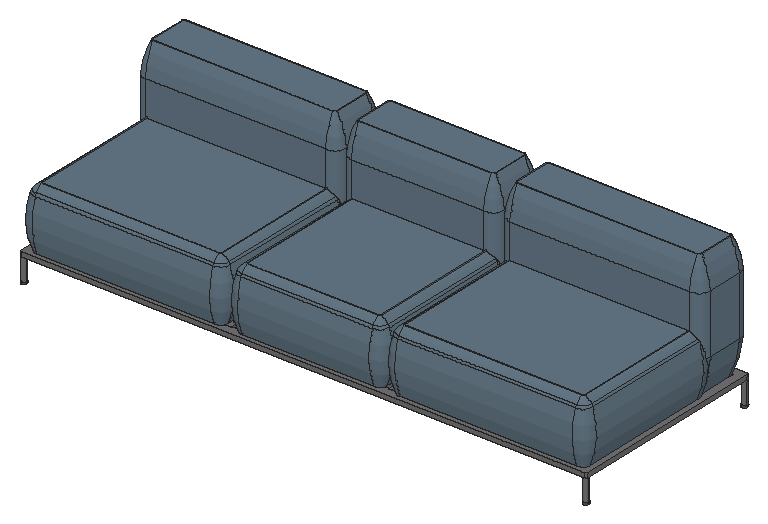
Revit family "Haworth_Mex-Hi_Sofa_WithoutArm", category Furniture, Revit 2018 (continued)
Definition of nested family "Haworth_Mex-Hi_Sofa_Seat-Wide-PART"
  Lines and regions (in)
    Masking region 1, visible <- "Middle Small Seat"
      outline origin (0, 0, 0) x (1, 0, 0) y (0, 1, 0)
        loop
          line (-23.80117, 0.15039) -> (-23.80117, -22.93079)
          arc (-23.80117, -22.93079) -> (-23.06894, -24.69856) -> (-21.30117, -25.43079) r 2.5
          line (-21.30117, -25.43079) -> (9.06138, -25.43079)
          arc (9.06138, -25.43079) -> (10.82915, -24.69856) -> (11.56138, -22.93079) r 2.5
          line (11.56138, -22.93079) -> (11.56138, 0.15039)
          arc (11.56138, 0.15039) -> (10.82915, 1.91816) -> (9.06138, 2.65039) r 2.5
          line (9.06138, 2.65039) -> (-21.30117, 2.65039)
          arc (-21.30117, 2.65039) -> (-23.06894, 1.91816) -> (-23.80117, 0.15039) r 2.5
    Masking region 2, visible <- "L/R Seat"
      outline origin (0, 0, 0) x (1, 0, 0) y (0, 1, 0)
        loop
          line (-19.80117, 0.15039) -> (-19.80117, -22.93079)
          arc (-19.80117, -22.93079) -> (-19.06894, -24.69856) -> (-17.30117, -25.43079) r 2.5
          line (-17.30117, -25.43079) -> (5.06138, -25.43079)
          arc (5.06138, -25.43079) -> (6.82915, -24.69856) -> (7.56138, -22.93079) r 2.5
          line (7.56138, -22.93079) -> (7.56138, 0.15039)
          arc (7.56138, 0.15039) -> (6.82915, 1.91816) -> (5.06138, 2.65039) r 2.5
          line (5.06138, 2.65039) -> (-17.30117, 2.65039)
          arc (-17.30117, 2.65039) -> (-19.06894, 1.91816) -> (-19.80117, 0.15039) r 2.5
    Masking region 3, visible <- "Peninsula Seat"
      outline origin (0, 0, 0) x (1, 0, 0) y (0, 1, 0)
        loop
          line (4.77305, 0.27539) -> (-28.30117, 0.27539)
          arc (-28.30117, 0.27539) -> (-29.89216, -0.38362) -> (-30.55117, -1.97461) r 2.25
          line (-30.55117, -1.97461) -> (-30.55117, -23.05579)
          arc (-30.55117, -23.05579) -> (-29.89216, -24.64678) -> (-28.30117, -25.30579) r 2.25
          line (-28.30117, -25.30579) -> (18.93638, -25.30579)
          arc (18.93638, -25.30579) -> (20.52737, -24.64678) -> (21.18638, -23.05579) r 2.25
          line (21.18638, -23.05579) -> (21.18638, 8.52539)
          arc (21.18638, 8.52539) -> (20.52737, 10.11638) -> (18.93638, 10.77539) r 2.25
          line (18.93638, 10.77539) -> (7.02305, 10.77539)
          arc (7.02305, 10.77539) -> (5.43206, 10.11638) -> (4.77305, 8.52539) r 2.25
          line (4.77305, 8.52539) -> (4.77305, 0.27539)
    Masking region 4, visible <- "Middle Large Seat"
      outline origin (0, 0, 0) x (1, 0, 0) y (0, 1, 0)
        loop
          line (-28.42172, 0.15039) -> (-28.42172, -22.93079)
          arc (-28.42172, -22.93079) -> (-27.68949, -24.69856) -> (-25.92172, -25.43079) r 2.5
          line (-25.92172, -25.43079) -> (13.61448, -25.43079)
          arc (13.61448, -25.43079) -> (15.38225, -24.69856) -> (16.11448, -22.93079) r 2.5
          line (16.11448, -22.93079) -> (16.11448, 0.15039)
          arc (16.11448, 0.15039) -> (15.38225, 1.91816) -> (13.61448, 2.65039) r 2.5
          line (13.61448, 2.65039) -> (-25.92172, 2.65039)
          arc (-25.92172, 2.65039) -> (-27.68949, 1.91816) -> (-28.42172, 0.15039) r 2.5
  Dimensions and locks (in)
    equal spacing: plane 8 "Left", plane 2 "Center L/R", plane 7 "Right"
    "Actual Width": plane 8 "Left" to plane 7 "Right"
    equal spacing: plane 5 "Back", plane 3 "Center F/B", plane 6 "Front"
    "Actual Depth": plane 5 "Back" to plane 6 "Front"
    "Actual Height": plane 4 "Top" to plane 1
    "Seat Height": plane 9 to level
    aligned and locked: Sweep 7 to Extrusion 8 sketch curve
    aligned and locked: Extrusion 8 sketch curve to Sweep 7
  Automatic sketch dimensions
    plane 8 "Left" to Extrusion 1 sketch curve = 2.29174"
    Extrusion 1 sketch curve to Extrusion 1 sketch curve = 0.20787"  (x3)
    Extrusion 1 sketch curve to plane 7 "Right" = 2.49961"  (x2)
    plane 6 "Front" to Extrusion 1 sketch curve = 2.72405"
    Extrusion 1 sketch curve to plane 5 "Back" = 2.71232"
    plane 8 "Left" to Sweep 2 sketch curve = 0.74961"
    Sweep 2 sketch curve to plane 5 "Back" = 0.96232"
    Sweep 2 sketch curve to Sweep 2 sketch curve = 1.75"  (x2)
    plane 6 "Front" to Sweep 2 sketch curve = 1.18191"
    Sweep 2 sketch curve to plane 7 "Right" = 2.49961"  (x2)
    Sweep 2 sketch curve to plane 7 "Right" = 0.74961"
    profile plane to Sweep 2 sketch curve = 12.08096"
    profile plane to Sweep 2 sketch curve = 3.28358"
    profile plane to Sweep 2 sketch curve = 1.54213"
    profile plane to Sweep 2 sketch curve = 1.45935"
    profile plane to Sweep 2 sketch curve = 0.41268"
    level to Sweep 2 sketch curve = 4.88189"
    level to Sweep 2 sketch curve = 9.80008"
    Sweep 2 sketch curve to Sweep 2 sketch curve = 7.21954"
    Sweep 2 sketch curve to Sweep 2 sketch curve = 1.36158"
    Sweep 2 sketch curve to Sweep 2 sketch curve = 1.90673"
    Sweep 2 sketch curve to Sweep 2 sketch curve = 0.00"
    plane 6 "Front" to Extrusion 3 sketch curve = 2.93191"  (x2)
    plane 8 "Left" to Extrusion 3 sketch curve = 6.29174"
    Extrusion 3 sketch curve to Extrusion 3 sketch curve = 0.20787"  (x2)
    Extrusion 3 sketch curve to plane 5 "Back" = 2.71232"
    Extrusion 3 sketch curve to plane 7 "Right" = 6.49961"  (x2)
    plane 8 "Left" to Sweep 4 sketch curve = 4.74961"
    Sweep 4 sketch curve to plane 5 "Back" = 0.96232"
    Sweep 4 sketch curve to Sweep 4 sketch curve = 1.75"  (x3)
    plane 6 "Front" to Sweep 4 sketch curve = 1.18191"
    plane 6 "Front" to Sweep 4 sketch curve = 2.93191"
    Sweep 4 sketch curve to plane 7 "Right" = 6.49961"
    profile plane to Sweep 4 sketch curve = 12.08096"
    profile plane to Sweep 4 sketch curve = 3.28358"
    profile plane to Sweep 4 sketch curve = 1.54213"
    profile plane to Sweep 4 sketch curve = 1.45935"
    profile plane to Sweep 4 sketch curve = 0.41268"
    level to Sweep 4 sketch curve = 4.88189"
    level to Sweep 4 sketch curve = 9.80008"
    Sweep 4 sketch curve to Sweep 4 sketch curve = 7.21954"
    Sweep 4 sketch curve to Sweep 4 sketch curve = 1.36158"
    Sweep 4 sketch curve to Sweep 4 sketch curve = 1.90673"
    Sweep 4 sketch curve to Sweep 4 sketch curve = 0.00"
    plane 8 "Left" to Masking region 1 sketch curve = 0.16833"
    plane 6 "Front" to Masking region 1 sketch curve = 0.4696"
    plane 8 "Left" to Masking region 1 sketch curve = 2.66833"
    Masking region 1 sketch curve to Masking region 1 sketch curve = 2.50"
    Masking region 1 sketch curve to plane 5 "Back" = 0.25"
    Masking region 1 sketch curve to plane 7 "Right" = 2.66833"  (x2)
    Masking region 1 sketch curve to plane 7 "Right" = 0.16833"
    plane 8 "Left" to Masking region 2 sketch curve = 4.16833"
    Masking region 2 sketch curve to Masking region 2 sketch curve = 2.50"  (x3)
    Masking region 2 sketch curve to plane 5 "Back" = 0.25"
    Masking region 2 sketch curve to plane 7 "Right" = 6.66833"  (x2)
    plane 6 "Front" to Masking region 2 sketch curve = 0.4696"
    Sweep 5 sketch curve to plane 8 "Left" = 5.99435"
    Sweep 5 sketch curve to Sweep 5 sketch curve = 1.75"  (x4)
    Sweep 5 sketch curve to plane 7 "Right" = 6.36935"
    plane 7 "Right" to Sweep 5 sketch curve = 7.11935"  (x2)
    plane 6 "Front" to Sweep 5 sketch curve = 2.93191"
    Sweep 5 sketch curve to plane 5 "Back" = 4.96232"
    plane 5 "Back" to Sweep 5 sketch curve = 5.53768"
    profile plane to Sweep 5 sketch curve = 12.08096"
    profile plane to Sweep 5 sketch curve = 3.28358"
    profile plane to Sweep 5 sketch curve = 1.54213"
    profile plane to Sweep 5 sketch curve = 1.45935"
    profile plane to Sweep 5 sketch curve = 0.41268"
    level to Sweep 5 sketch curve = 4.88189"
    level to Sweep 5 sketch curve = 9.80008"
    Sweep 5 sketch curve to Sweep 5 sketch curve = 7.21954"
    Sweep 5 sketch curve to Sweep 5 sketch curve = 1.36158"
    Sweep 5 sketch curve to Sweep 5 sketch curve = 1.90673"
    Sweep 5 sketch curve to Sweep 5 sketch curve = 0.00"
    Extrusion 6 sketch curve to plane 8 "Left" = 4.45222"
    Extrusion 6 sketch curve to Extrusion 6 sketch curve = 0.20787"  (x4)
    Extrusion 6 sketch curve to plane 7 "Right" = 4.82722"
    plane 6 "Front" to Extrusion 6 sketch curve = 2.72405"
    plane 7 "Right" to Extrusion 6 sketch curve = 7.11935"  (x2)
    Extrusion 6 sketch curve to plane 5 "Back" = 4.96232"
    plane 5 "Back" to Extrusion 6 sketch curve = 5.53768"
    Masking region 3 sketch curve to plane 8 "Left" = 6.58167"
    plane 6 "Front" to Masking region 3 sketch curve = 0.5946"
    Masking region 3 sketch curve to Masking region 3 sketch curve = 2.25"  (x4)
    Masking region 3 sketch curve to plane 5 "Back" = 2.625"
    Masking region 3 sketch curve to plane 7 "Right" = 6.95667"
    plane 7 "Right" to Masking region 3 sketch curve = 7.20667"  (x2)
    plane 5 "Back" to Masking region 3 sketch curve = 5.625"
    Sweep 7 sketch curve to plane 8 "Left" = 3.80039"
    Sweep 7 sketch curve to plane 5 "Back" = 0.96232"
    Sweep 7 sketch curve to plane 8 "Left" = 2.05039"  (x2)
    plane 6 "Front" to Sweep 7 sketch curve = 1.18191"
    plane 7 "Right" to Sweep 7 sketch curve = 2.05039"  (x2)
    Sweep 7 sketch curve to Sweep 7 sketch curve = 1.75"
    profile plane to Sweep 7 sketch curve = 12.08096"
    profile plane to Sweep 7 sketch curve = 3.28358"
    profile plane to Sweep 7 sketch curve = 1.54213"
    profile plane to Sweep 7 sketch curve = 1.45935"
    profile plane to Sweep 7 sketch curve = 0.41268"
    level to Sweep 7 sketch curve = 4.88189"
    level to Sweep 7 sketch curve = 9.80008"
    Sweep 7 sketch curve to Sweep 7 sketch curve = 7.21954"
    Sweep 7 sketch curve to Sweep 7 sketch curve = 1.36158"
    Sweep 7 sketch curve to Sweep 7 sketch curve = 1.90673"
    Sweep 7 sketch curve to Sweep 7 sketch curve = 0.00"
    Extrusion 8 sketch curve to Extrusion 8 sketch curve = 0.20787"  (x4)
    plane 6 "Front" to Extrusion 8 sketch curve = 2.97405"
    Extrusion 8 sketch curve to plane 5 "Back" = 2.46232"
    Masking region 4 sketch curve to plane 5 "Back" = 2.75"
    Masking region 4 sketch curve to plane 8 "Left" = 4.45222"
    plane 6 "Front" to Masking region 4 sketch curve = 0.4696"
    Masking region 4 sketch curve to plane 8 "Left" = 1.95222"  (x2)
    plane 7 "Right" to Masking region 4 sketch curve = 1.88477"  (x2)
    Masking region 4 sketch curve to Masking region 4 sketch curve = 2.50"
Types (2): name | Two Seats | Three Seats | Description | Actual Width
  Three Seat Sofa | no | yes | "Haworth - Cassina - Mex-Hi - Sofa - Without Arm - Three Seat" | 98.40"
  Two Seat Sofa | yes | no | "Haworth - Cassina - Mex-Hi - Sofa - Without Arm - Wide Two Seat" | 70.90"
